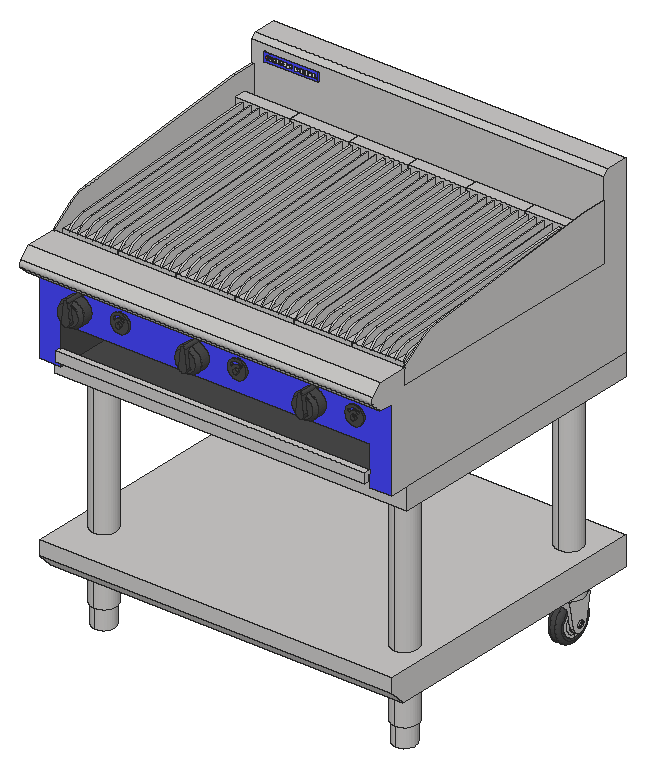
Revit family "QF_MOFFAT_BLUESEAL_AU_G596-LS", category Specialty Equipment, Revit 2012 (continued)
Automatic sketch dimensions
  plane 12 to Extrusion 32 sketch curve = 12.852 mm
  plane 12 to Extrusion 32 sketch curve = 8.738 mm
  plane 11 to Extrusion 32 sketch curve = 32 mm
  plane 9 to Extrusion 32 sketch curve = 105.155 mm
  plane 9 to Extrusion 32 sketch curve = 59.636 mm
  plane 9 to Extrusion 32 sketch curve = 7.151 mm
  plane 12 to Extrusion 33 sketch curve = 59 mm
  plane 12 to Extrusion 33 sketch curve = 12.852 mm
  plane 12 to Extrusion 33 sketch curve = 8.738 mm
  plane 11 to Extrusion 33 sketch curve = 32 mm
  plane 9 to Extrusion 33 sketch curve = 105.155 mm
  plane 9 to Extrusion 33 sketch curve = 59.636 mm
  plane 9 to Extrusion 33 sketch curve = 7.151 mm
  plane 12 to Extrusion 34 sketch curve = 59 mm
  plane 12 to Extrusion 34 sketch curve = 12.852 mm
  plane 12 to Extrusion 34 sketch curve = 8.738 mm
  plane 11 to Extrusion 34 sketch curve = 32 mm
  plane 9 to Extrusion 34 sketch curve = 105.155 mm
  plane 9 to Extrusion 34 sketch curve = 59.636 mm
  plane 9 to Extrusion 34 sketch curve = 7.151 mm
  plane 12 to Extrusion 35 sketch curve = 59 mm
  plane 12 to Extrusion 35 sketch curve = 12.852 mm
  plane 12 to Extrusion 35 sketch curve = 8.738 mm
  plane 11 to Extrusion 35 sketch curve = 32 mm
  plane 9 to Extrusion 35 sketch curve = 105.155 mm
  plane 9 to Extrusion 35 sketch curve = 59.636 mm
  plane 9 to Extrusion 35 sketch curve = 7.151 mm
  plane 12 to Extrusion 36 sketch curve = 59 mm
  plane 12 to Extrusion 36 sketch curve = 12.852 mm
  plane 12 to Extrusion 36 sketch curve = 8.738 mm
  plane 11 to Extrusion 36 sketch curve = 32 mm
  plane 9 to Extrusion 36 sketch curve = 105.155 mm
  plane 9 to Extrusion 36 sketch curve = 59.636 mm
  plane 9 to Extrusion 36 sketch curve = 7.151 mm
  plane 1 "BACK" to Extrusion 37 sketch curve = 31 mm
  plane 13 to Extrusion 37 sketch curve = 150.5 mm
  plane 9 to Extrusion 38 sketch curve = 0 mm
  plane 12 to Extrusion 38 sketch curve = 59 mm
  plane 11 to Extrusion 38 sketch curve = 32 mm
  plane 11 to Extrusion 38 sketch curve = 2 mm
  plane 9 to Extrusion 38 sketch curve = 59.636 mm
  Extrusion 38 sketch curve to Extrusion 38 sketch curve = 35.364 mm
  plane 9 to Extrusion 39 sketch curve = 0 mm
  plane 12 to Extrusion 39 sketch curve = 59 mm
  plane 11 to Extrusion 39 sketch curve = 32 mm
  plane 11 to Extrusion 39 sketch curve = 2 mm
  plane 9 to Extrusion 39 sketch curve = 59.636 mm
  Extrusion 39 sketch curve to Extrusion 39 sketch curve = 35.364 mm
  plane 9 to Extrusion 40 sketch curve = 0 mm
  plane 12 to Extrusion 40 sketch curve = 59 mm
  plane 11 to Extrusion 40 sketch curve = 32 mm
  plane 11 to Extrusion 40 sketch curve = 2 mm
  plane 9 to Extrusion 40 sketch curve = 59.636 mm
  Extrusion 40 sketch curve to Extrusion 40 sketch curve = 35.364 mm
  plane 9 to Extrusion 41 sketch curve = 0 mm
  plane 12 to Extrusion 41 sketch curve = 59 mm
  plane 11 to Extrusion 41 sketch curve = 32 mm
  plane 11 to Extrusion 41 sketch curve = 2 mm
  plane 9 to Extrusion 41 sketch curve = 59.636 mm
  Extrusion 41 sketch curve to Extrusion 41 sketch curve = 35.364 mm
  Revolve 44 sketch curve to plane 5 "FRONT" = 19 mm
  Revolve 44 sketch curve to Revolve 44 sketch curve = 0 mm  (x2)
  Revolve 44 sketch curve to Revolve 44 sketch curve = 11 mm
  Revolve 44 sketch curve to Revolve 44 sketch curve = 12.7 mm
  Revolve 44 sketch curve to Revolve 44 sketch curve = 23 mm
  Revolve 44 sketch curve to Revolve 44 sketch curve = 10 mm
  plane 9 to Revolve 44 sketch curve = 175.2 mm
  Revolve 44 sketch curve to Revolve 44 sketch curve = 5 mm
  Revolve 44 sketch curve to Revolve 44 sketch curve = 26.651 mm
  Revolve 44 sketch curve to Revolve 44 sketch curve = 5.849 mm
  Extrusion 45 sketch curve to plane 7 "Center Y" = 52.487 mm
  Extrusion 45 sketch curve to Extrusion 45 sketch curve = 5.489 mm
  Extrusion 45 sketch curve to Extrusion 45 sketch curve = 4.999 mm  (x2)
  Extrusion 45 sketch curve to Extrusion 45 sketch curve = 10.487 mm
  Extrusion 45 sketch curve to Extrusion 45 sketch curve = 10.419 mm
  plane 9 to Extrusion 45 sketch curve = 187.2 mm
  Extrusion 45 sketch curve to Extrusion 45 sketch curve = 0.028 mm
  Extrusion 45 sketch curve to Extrusion 45 sketch curve = 44 mm
  Extrusion 45 sketch curve to Extrusion 45 sketch curve = 0.113 mm
  Extrusion 46 sketch curve to Extrusion 1 = 0 mm
  Extrusion 46 sketch curve to Extrusion 1 = 100 mm
  Extrusion 46 sketch curve to Extrusion 1 = 55 mm  (x2)
  Extrusion 46 to Extrusion 47 sketch curve = 0 mm
  Extrusion 47 sketch curve to Extrusion 46 = 5.924 mm
  Extrusion 47 sketch curve to Extrusion 46 = 16.797 mm
  Extrusion 47 sketch curve to Extrusion 47 sketch curve = 15 mm
  Extrusion 47 sketch curve to Extrusion 47 sketch curve = 10 mm  (x2)
  Extrusion 46 to Extrusion 47 sketch curve = 31.346 mm
  Extrusion 47 sketch curve to Extrusion 47 sketch curve = 18.654 mm
  Revolve 48 sketch curve to level = 0 mm
  Revolve 48 sketch curve to plane 11 = 0 mm  (x2)
  plane 11 to Revolve 48 sketch curve = 27.5 mm
  plane 11 to Revolve 48 sketch curve = 31.75 mm
  Revolve 48 sketch curve to Revolve 48 sketch curve = 55 mm
  level to Revolve 48 sketch curve = 50 mm
  Revolve 48 sketch curve to Revolve 48 sketch curve = 0 mm
  Revolve 48 sketch curve to Revolve 48 sketch curve = 100 mm
  Revolve 49 sketch curve to level = 0 mm
  Revolve 49 sketch curve to plane 11 = 0 mm  (x2)
  plane 11 to Revolve 49 sketch curve = 27.5 mm
  plane 11 to Revolve 49 sketch curve = 31.75 mm
  level to Revolve 49 sketch curve = 50 mm
  Revolve 49 sketch curve to Revolve 49 sketch curve = 0 mm
  Revolve 49 sketch curve to Revolve 49 sketch curve = 100 mm
  Revolve 49 sketch curve to Revolve 49 sketch curve = 55 mm
  plane 3 "LEFT" to Revolve 50 sketch curve = 31.118 mm
  Revolve 50 sketch curve to Revolve 50 sketch curve = 1.27 mm  (x4)
  Revolve 50 sketch curve to Revolve 50 sketch curve = 1.524 mm  (x2)
  Revolve 50 sketch curve to Revolve 50 sketch curve = 12.146 mm  (x2)
  Revolve 50 sketch curve to plane 13 = 16.68 mm
  Revolve 50 sketch curve to Revolve 50 sketch curve = 0.794 mm  (x2)
  Revolve 50 sketch curve to Revolve 50 sketch curve = 3.57 mm
  Revolve 50 sketch curve to Revolve 50 sketch curve = 2.143 mm
  Revolve 50 sketch curve to plane 13 = 6.361 mm
  plane 13 to Revolve 50 sketch curve = 5.13 mm
  plane 13 to Revolve 50 sketch curve = 6.339 mm
  plane 13 to Revolve 50 sketch curve = 14.515 mm
  Revolve 50 sketch curve to Revolve 50 sketch curve = 1.349 mm  (x2)
  Revolve 50 sketch curve to Revolve 50 sketch curve = 3.556 mm
  Revolve 50 sketch curve to Revolve 50 sketch curve = 33.32 mm
  level to Revolve 50 sketch curve = 49.952 mm
  Revolve 50 sketch curve to Revolve 50 sketch curve = 0 mm
  Revolve 50 sketch curve to Revolve 50 sketch curve = 3.505 mm  (x2)
  Revolve 50 sketch curve to Revolve 50 sketch curve = 3.447 mm  (x2)
  Revolve 50 sketch curve to Revolve 50 sketch curve = 9.964 mm
  Revolve 50 sketch curve to Revolve 50 sketch curve = 10.045 mm
  Revolve 50 sketch curve to Revolve 50 sketch curve = 2.053 mm
  Revolve 50 sketch curve to Revolve 50 sketch curve = 2.061 mm
  Revolve 50 sketch curve to Revolve 50 sketch curve = 8.247 mm
  Revolve 50 sketch curve to Revolve 50 sketch curve = 8.336 mm
  Revolve 50 sketch curve to Revolve 50 sketch curve = 6.35 mm  (x2)
  Extrusion 51 sketch curve to plane 11 = 0 mm
  plane 11 to Extrusion 51 sketch curve = 19.393 mm
  plane 11 to Extrusion 51 sketch curve = 31.75 mm
  Extrusion 51 sketch curve to plane 11 = 19.393 mm
  Extrusion 51 sketch curve to plane 11 = 31.75 mm
  level to Extrusion 51 sketch curve = 45.111 mm
  Extrusion 51 sketch curve to Extrusion 51 sketch curve = 4.889 mm
  Extrusion 51 sketch curve to Extrusion 51 sketch curve = 64.889 mm
  Revolve 52 sketch curve to plane 11 = 0 mm  (x2)
  plane 11 to Revolve 52 sketch curve = 35.75 mm
  Revolve 52 sketch curve to level = 55 mm
  level to Revolve 52 sketch curve = 50 mm
  Revolve 52 sketch curve to Revolve 52 sketch curve = 60 mm
  Revolve 52 sketch curve to Revolve 52 sketch curve = 40 mm
  Revolve 53 sketch curve to level = 0 mm
  Revolve 53 sketch curve to plane 11 = 0 mm  (x2)
  Revolve 53 sketch curve to Revolve 53 sketch curve = 27.5 mm
  Revolve 53 sketch curve to Revolve 53 sketch curve = 31.75 mm
  Revolve 53 sketch curve to Revolve 53 sketch curve = 55 mm
  level to Revolve 53 sketch curve = 50 mm
  Revolve 53 sketch curve to Revolve 53 sketch curve = 0 mm
  Revolve 53 sketch curve to Revolve 53 sketch curve = 100 mm
  plane 14 to Revolve 54 sketch curve = 34.882 mm
  Revolve 54 sketch curve to Revolve 54 sketch curve = 1.27 mm  (x4)
  Revolve 54 sketch curve to Revolve 54 sketch curve = 1.524 mm  (x2)
  Revolve 54 sketch curve to Revolve 54 sketch curve = 12.146 mm  (x2)
  Revolve 54 sketch curve to Revolve 54 sketch curve = 2.762 mm
  Revolve 54 sketch curve to Revolve 54 sketch curve = 0.794 mm  (x2)
  Revolve 54 sketch curve to Revolve 54 sketch curve = 3.57 mm
  Revolve 54 sketch curve to Revolve 54 sketch curve = 2.143 mm
  plane 14 to Revolve 54 sketch curve = 6.861 mm
  Revolve 54 sketch curve to plane 14 = 4.63 mm
  Revolve 54 sketch curve to plane 14 = 5.839 mm
  Revolve 54 sketch curve to plane 14 = 14.015 mm
  Revolve 54 sketch curve to Revolve 54 sketch curve = 1.349 mm  (x2)
  Revolve 54 sketch curve to Revolve 54 sketch curve = 3.556 mm
  Revolve 54 sketch curve to plane 4 "RIGHT" = 1.68 mm
  level to Revolve 54 sketch curve = 49.952 mm
  Revolve 54 sketch curve to Revolve 54 sketch curve = 0 mm
  Revolve 54 sketch curve to Revolve 54 sketch curve = 3.505 mm  (x2)
  Revolve 54 sketch curve to Revolve 54 sketch curve = 3.447 mm  (x2)
  Revolve 54 sketch curve to Revolve 54 sketch curve = 9.964 mm
  Revolve 54 sketch curve to Revolve 54 sketch curve = 10.045 mm
  Revolve 54 sketch curve to Revolve 54 sketch curve = 2.053 mm
  Revolve 54 sketch curve to Revolve 54 sketch curve = 2.061 mm
  Revolve 54 sketch curve to Revolve 54 sketch curve = 8.247 mm
  Revolve 54 sketch curve to Revolve 54 sketch curve = 8.336 mm
  Revolve 54 sketch curve to Revolve 54 sketch curve = 6.35 mm  (x2)
  Extrusion 55 sketch curve to plane 11 = 0 mm
  plane 11 to Extrusion 55 sketch curve = 19.393 mm
  plane 11 to Extrusion 55 sketch curve = 31.75 mm
  Extrusion 55 sketch curve to plane 11 = 19.393 mm
  Extrusion 55 sketch curve to plane 11 = 31.75 mm
  level to Extrusion 55 sketch curve = 45.111 mm
  Extrusion 55 sketch curve to Extrusion 55 sketch curve = 4.889 mm
  Extrusion 55 sketch curve to Extrusion 55 sketch curve = 64.889 mm
  Revolve 56 sketch curve to plane 11 = 0 mm  (x2)
  Revolve 56 sketch curve to Revolve 56 sketch curve = 35.75 mm
  Revolve 56 sketch curve to level = 55 mm
  level to Revolve 56 sketch curve = 50 mm
  Revolve 56 sketch curve to Revolve 56 sketch curve = 60 mm
  Revolve 56 sketch curve to Revolve 56 sketch curve = 40 mm
  plane 12 to Extrusion 57 sketch curve = 59 mm
  plane 12 to Extrusion 57 sketch curve = 12.852 mm
  plane 12 to Extrusion 57 sketch curve = 8.738 mm
  plane 11 to Extrusion 57 sketch curve = 32 mm
  plane 9 to Extrusion 57 sketch curve = 105.155 mm
  plane 9 to Extrusion 57 sketch curve = 59.636 mm
  plane 9 to Extrusion 57 sketch curve = 7.151 mm
  plane 12 to Extrusion 58 sketch curve = 59 mm
  plane 12 to Extrusion 58 sketch curve = 12.852 mm
  plane 12 to Extrusion 58 sketch curve = 8.738 mm
  plane 11 to Extrusion 58 sketch curve = 32 mm
  plane 9 to Extrusion 58 sketch curve = 105.155 mm
  plane 9 to Extrusion 58 sketch curve = 59.636 mm
  plane 9 to Extrusion 58 sketch curve = 7.151 mm
  plane 12 to Extrusion 59 sketch curve = 59 mm
  plane 12 to Extrusion 59 sketch curve = 12.852 mm
  plane 12 to Extrusion 59 sketch curve = 8.738 mm
  plane 11 to Extrusion 59 sketch curve = 32 mm
  plane 9 to Extrusion 59 sketch curve = 105.155 mm
  plane 9 to Extrusion 59 sketch curve = 59.636 mm
  plane 9 to Extrusion 59 sketch curve = 7.151 mm
  plane 12 to Extrusion 60 sketch curve = 59 mm
  plane 12 to Extrusion 60 sketch curve = 12.852 mm
  plane 12 to Extrusion 60 sketch curve = 8.738 mm
  plane 11 to Extrusion 60 sketch curve = 32 mm
  plane 9 to Extrusion 60 sketch curve = 105.155 mm
  plane 9 to Extrusion 60 sketch curve = 59.636 mm
  plane 9 to Extrusion 60 sketch curve = 7.151 mm
  plane 12 to Extrusion 61 sketch curve = 59 mm
  plane 12 to Extrusion 61 sketch curve = 12.852 mm
  plane 12 to Extrusion 61 sketch curve = 8.738 mm
  plane 11 to Extrusion 61 sketch curve = 32 mm
  plane 9 to Extrusion 61 sketch curve = 105.155 mm
  plane 9 to Extrusion 61 sketch curve = 59.636 mm
  plane 9 to Extrusion 61 sketch curve = 7.151 mm
  plane 12 to Extrusion 62 sketch curve = 59 mm
  plane 12 to Extrusion 62 sketch curve = 12.852 mm
  plane 12 to Extrusion 62 sketch curve = 8.738 mm
  plane 11 to Extrusion 62 sketch curve = 32 mm
  plane 9 to Extrusion 62 sketch curve = 105.155 mm
  plane 9 to Extrusion 62 sketch curve = 59.636 mm
  plane 9 to Extrusion 62 sketch curve = 7.151 mm
  plane 12 to Extrusion 63 sketch curve = 59 mm
  plane 12 to Extrusion 63 sketch curve = 12.852 mm
  plane 12 to Extrusion 63 sketch curve = 8.738 mm
  plane 11 to Extrusion 63 sketch curve = 32 mm
  plane 9 to Extrusion 63 sketch curve = 105.155 mm
  plane 9 to Extrusion 63 sketch curve = 59.636 mm
  plane 9 to Extrusion 63 sketch curve = 7.151 mm
  plane 9 to Extrusion 64 sketch curve = 0 mm
  plane 12 to Extrusion 64 sketch curve = 59 mm
  plane 11 to Extrusion 64 sketch curve = 32 mm
  plane 11 to Extrusion 64 sketch curve = 2 mm
  plane 9 to Extrusion 64 sketch curve = 59.636 mm
  Extrusion 64 sketch curve to Extrusion 64 sketch curve = 35.364 mm
  plane 12 to Extrusion 65 sketch curve = 59 mm
  plane 12 to Extrusion 65 sketch curve = 12.852 mm
  plane 12 to Extrusion 65 sketch curve = 8.738 mm
  plane 11 to Extrusion 65 sketch curve = 32 mm
  plane 9 to Extrusion 65 sketch curve = 105.155 mm
  plane 9 to Extrusion 65 sketch curve = 59.636 mm
  plane 9 to Extrusion 65 sketch curve = 7.151 mm
  plane 12 to Extrusion 66 sketch curve = 59 mm
  plane 12 to Extrusion 66 sketch curve = 12.852 mm
  plane 12 to Extrusion 66 sketch curve = 8.738 mm
  plane 11 to Extrusion 66 sketch curve = 32 mm
  plane 9 to Extrusion 66 sketch curve = 105.155 mm
  plane 9 to Extrusion 66 sketch curve = 59.636 mm
  plane 9 to Extrusion 66 sketch curve = 7.151 mm
  plane 12 to Extrusion 67 sketch curve = 59 mm
  plane 12 to Extrusion 67 sketch curve = 12.852 mm
  plane 12 to Extrusion 67 sketch curve = 8.738 mm
  plane 11 to Extrusion 67 sketch curve = 32 mm
  plane 9 to Extrusion 67 sketch curve = 105.155 mm
  plane 9 to Extrusion 67 sketch curve = 59.636 mm
  plane 9 to Extrusion 67 sketch curve = 7.151 mm
  plane 12 to Extrusion 68 sketch curve = 59 mm
  plane 12 to Extrusion 68 sketch curve = 12.852 mm
  plane 12 to Extrusion 68 sketch curve = 8.738 mm
  plane 11 to Extrusion 68 sketch curve = 32 mm
  plane 9 to Extrusion 68 sketch curve = 105.155 mm
  plane 9 to Extrusion 68 sketch curve = 59.636 mm
  plane 9 to Extrusion 68 sketch curve = 7.151 mm
  plane 12 to Extrusion 69 sketch curve = 59 mm
  plane 12 to Extrusion 69 sketch curve = 12.852 mm
  plane 12 to Extrusion 69 sketch curve = 8.738 mm
  plane 11 to Extrusion 69 sketch curve = 32 mm
  plane 9 to Extrusion 69 sketch curve = 105.155 mm
  plane 9 to Extrusion 69 sketch curve = 59.636 mm
  plane 9 to Extrusion 69 sketch curve = 7.151 mm
  plane 12 to Extrusion 70 sketch curve = 59 mm
  plane 12 to Extrusion 70 sketch curve = 12.852 mm
  plane 12 to Extrusion 70 sketch curve = 8.738 mm
  plane 11 to Extrusion 70 sketch curve = 32 mm
  plane 9 to Extrusion 70 sketch curve = 105.155 mm
  plane 9 to Extrusion 70 sketch curve = 59.636 mm
  plane 9 to Extrusion 70 sketch curve = 7.151 mm
  plane 12 to Extrusion 71 sketch curve = 59 mm
  plane 12 to Extrusion 71 sketch curve = 12.852 mm
  plane 12 to Extrusion 71 sketch curve = 8.738 mm
  plane 11 to Extrusion 71 sketch curve = 32 mm
  plane 9 to Extrusion 71 sketch curve = 105.155 mm
  plane 9 to Extrusion 71 sketch curve = 59.636 mm
  plane 9 to Extrusion 71 sketch curve = 7.151 mm
  plane 9 to Extrusion 72 sketch curve = 0 mm
  plane 12 to Extrusion 72 sketch curve = 59 mm
  plane 11 to Extrusion 72 sketch curve = 32 mm
  plane 11 to Extrusion 72 sketch curve = 2 mm
  plane 9 to Extrusion 72 sketch curve = 59.636 mm
  Extrusion 72 sketch curve to Extrusion 72 sketch curve = 35.364 mm
  Extrusion 73 sketch curve to Extrusion 1 = 0 mm
  Extrusion 73 sketch curve to Extrusion 1 = 100 mm
  Extrusion 73 sketch curve to Extrusion 1 = 55 mm  (x2)
  Revolve 74 sketch curve to plane 5 "FRONT" = 19 mm
  Revolve 74 sketch curve to Revolve 74 sketch curve = 0 mm  (x2)
  Revolve 74 sketch curve to Revolve 74 sketch curve = 11 mm
  Revolve 74 sketch curve to Revolve 74 sketch curve = 12.7 mm
  Revolve 74 sketch curve to Revolve 74 sketch curve = 23 mm
  Revolve 74 sketch curve to Revolve 74 sketch curve = 10 mm
  plane 9 to Revolve 74 sketch curve = 175.2 mm
  Revolve 74 sketch curve to Revolve 74 sketch curve = 5 mm
  Revolve 74 sketch curve to Revolve 74 sketch curve = 26.651 mm
  Revolve 74 sketch curve to Revolve 74 sketch curve = 5.849 mm
  plane 14 to Extrusion 75 sketch curve = 136.987 mm
  Extrusion 75 sketch curve to Extrusion 75 sketch curve = 5.489 mm
  Extrusion 75 sketch curve to Extrusion 75 sketch curve = 4.999 mm  (x2)
  Extrusion 75 sketch curve to Extrusion 75 sketch curve = 10.487 mm
  Extrusion 75 sketch curve to Extrusion 75 sketch curve = 10.419 mm
  plane 9 to Extrusion 75 sketch curve = 187.2 mm
  Extrusion 75 sketch curve to Extrusion 75 sketch curve = 0.028 mm
  Extrusion 75 sketch curve to Extrusion 75 sketch curve = 44 mm
  Extrusion 75 sketch curve to Extrusion 75 sketch curve = 0.113 mm
  Extrusion 1 to Extrusion 42 sketch curve = 44.5 mm  (x3)
  Extrusion 42 sketch curve to Extrusion 42 sketch curve = 1.218 mm  (x3)
  Extrusion 42 sketch curve to Extrusion 42 sketch curve = 1.97 mm  (x6)
  Extrusion 42 sketch curve to Extrusion 42 sketch curve = 1.724 mm  (x3)
  Extrusion 42 sketch curve to Extrusion 42 sketch curve = 1.683 mm  (x3)
  Extrusion 42 sketch curve to Extrusion 42 sketch curve = 6.674 mm  (x3)
  Extrusion 42 sketch curve to Extrusion 42 sketch curve = 0.195 mm  (x3)
  Extrusion 42 sketch curve to Extrusion 42 sketch curve = 2.662 mm  (x3)
  Extrusion 1 to Extrusion 42 sketch curve = 193.209 mm
  Extrusion 42 sketch curve to Extrusion 42 sketch curve = 2.986 mm  (x3)
  Extrusion 42 sketch curve to Extrusion 42 sketch curve = 8.796 mm  (x3)
  Extrusion 42 sketch curve to Extrusion 42 sketch curve = 0.103 mm  (x3)
  Extrusion 42 sketch curve to Extrusion 42 sketch curve = 0.102 mm  (x3)
  Extrusion 42 sketch curve to Extrusion 42 sketch curve = 271.13 mm
  Extrusion 1 to Extrusion 42 sketch curve = 106.791 mm
  Extrusion 43 sketch curve to Extrusion 43 sketch curve = 0 mm  (x2)
  Extrusion 43 sketch curve to Extrusion 43 sketch curve = 300 mm  (x2)
  Split face 1 sketch curve to cut or joined group of Extrusion 1, Extrusion 73 = 27.315 mm
  Split face 1 sketch curve to cut or joined group of Extrusion 1, Extrusion 73 = 284.66 mm
  Split face 1 sketch curve to Split face 1 sketch curve = 4.041 mm  (x4)
  Split face 1 sketch curve to Split face 1 sketch curve = 8.66 mm  (x2)
  Split face 1 sketch curve to cut or joined group of Extrusion 1, Extrusion 73 = 12.315 mm
  Split face 1 sketch curve to cut or joined group of Extrusion 1, Extrusion 73 = 48.041 mm
  Split face 1 sketch curve to Split face 1 sketch curve = 7 mm  (x3)
  Split face 1 sketch curve to Split face 1 sketch curve = 17 mm
  Split face 2 sketch curve to cut or joined group of Extrusion 1, Extrusion 73 = 27.315 mm
  Split face 2 sketch curve to cut or joined group of Extrusion 1, Extrusion 73 = 572.64 mm
  Split face 2 sketch curve to Split face 2 sketch curve = 4.041 mm  (x4)
  Split face 2 sketch curve to Split face 2 sketch curve = 8.66 mm  (x2)
  Split face 2 sketch curve to cut or joined group of Extrusion 1, Extrusion 73 = 12.315 mm
  Split face 2 sketch curve to cut or joined group of Extrusion 1, Extrusion 73 = 336.021 mm
  Split face 2 sketch curve to Split face 2 sketch curve = 7 mm  (x3)
  Split face 2 sketch curve to Split face 2 sketch curve = 17 mm
  Split face 3 sketch curve to cut or joined group of Extrusion 1, Extrusion 73 = 27.315 mm
  Split face 3 sketch curve to cut or joined group of Extrusion 1, Extrusion 73 = 39.381 mm
  Split face 3 sketch curve to cut or joined group of Extrusion 1, Extrusion 73 = 23.185 mm
  Split face 3 sketch curve to Split face 3 sketch curve = 4.041 mm  (x3)
  Split face 3 sketch curve to Split face 3 sketch curve = 8.66 mm  (x3)
  Split face 3 sketch curve to cut or joined group of Extrusion 1, Extrusion 73 = 12.315 mm
  Split face 3 sketch curve to Split face 3 sketch curve = 223.917 mm
  Split face 3 sketch curve to cut or joined group of Extrusion 1, Extrusion 73 = 18.185 mm
  Split face 3 sketch curve to Split face 3 sketch curve = 10 mm
  Split face 3 sketch curve to Split face 3 sketch curve = 7 mm
  plane 1 "BACK" to curve 95 = 33.185 mm
  curve 40 to curve 95 = 23.319 mm
  curve 95 to curve 93 = 4.041 mm  (x2)
  curve 95 to curve 88 = 8.66 mm
  plane 1 "BACK" to curve 89 = 18.185 mm
  curve 89 to curve 28 = 37.062 mm
  curve 89 to curve 92 = 4.041 mm
  curve 89 to curve 89 = 8.66 mm
  curve 89 to curve 91 = 4.041 mm
  curve 91 to curve 88 = 27 mm
  curve 93 to curve 95 = 7 mm
  curve 92 to curve 91 = 10 mm
  curve 91 to curve 89 = 7 mm
  plane 1 "BACK" to curve 98 = 33.185 mm
  curve 90 to curve 98 = 38.659 mm
  plane 1 "BACK" to curve 98 = 40.185 mm
  curve 98 to curve 98 = 4.041 mm
  curve 97 to curve 97 = 8.66 mm
  curve 97 to curve 99 = 4.041 mm
  curve 103 to plane 14 = 13.417 mm
  curve 103 to curve 101 = 4.041 mm
  curve 103 to curve 102 = 8.66 mm
  curve 102 to curve 101 = 4.041 mm
  curve 5 to curve 101 = 1.55 mm
  curve 100 to curve 101 = 10 mm
  curve 99 to curve 97 = 7 mm
  curve 101 to curve 103 = 7 mm
  curve 111 to plane 13 = 30.16 mm
  curve 110 to curve 110 = 4.041 mm
  curve 111 to curve 111 = 8.66 mm
  curve 111 to curve 109 = 4.041 mm
  plane 1 "BACK" to curve 105 = 28.185 mm
  curve 105 to curve 94 = 51.36 mm
  curve 105 to curve 107 = 4.041 mm  (x2)
  curve 105 to curve 105 = 8.66 mm
  curve 1 to curve 109 = 1.55 mm
  curve 108 to curve 109 = 5 mm
  curve 107 to curve 105 = 7 mm
  curve 109 to curve 111 = 7 mm  (x2)
  radius of Extrusion 37 sketch curve = 13.5 mm
  radius of Extrusion 42 sketch curve = 23.9 mm  (x3)
  radius of Extrusion 43 sketch curve = 5.75 mm  (x3)
Nested families
  nested 1: "WALDORF LOGO_FACE BASE" at (32.004, -70, 1056.885) x (1, 0, 0) z (0, -1, 0), visible <- "Show Logo", type "WALDORF LOGO_FACE BASE", detail levels medium+fine
    with Show Logo yes
Connectors
  piping at (216, -31, 553)
    settings: on Extrusion 37, index 2, connector radius 0.37402", flow factor 0, pipe flow 0 GPM, pressure drop 0.00 psi, fitting loss kfactor 0, connector angle 0.00°, fixture units 0, engagement length 0 mm, flow configuration 1, flow direction 1, fitting loss method 0, system type 7, joint type 0, gender type 0, connector reference index -1, connector utility 0, adjustable connector no, is connector primary yes, fitting loss table "", connector description ""
Definition of nested family "WALDORF LOGO_FACE BASE"
  Parameters (values of type "WALDORF LOGO_FACE BASE")
    Show Logo [instance] = yes
    Default Elevation = 1219.2 mm
  Reference planes
    plane 1 "Center (Front/Back)": y = 0
    plane 2: z = 0
    plane 3 "Center (Left/Right)": x = 0
  Forms (mm)
    Extrusion 1, solid
      sketch origin (0, 0, 0) x (1, 0, 0) y (0, 1, 0)
        loop
          line (-1219.2, 1219.2) -> (-1219.2, -1219.2) -> (1219.2, -1219.2) -> (1219.2, 1219.2) -> (-1219.2, 1219.2)
      from 0 to -304.8
    Extrusion 2, solid, material "QF_Finishes_Blue", visible <- "Show Logo"
      sketch origin (0, -33.217, 0) x (1, 0, 0) y (0, 1, 0)
        loop
          arc (138, 31.942) -> (137.626, 32.844) -> (136.724, 33.217) r 1.276
          line (136.724, 33.217) -> (1.29, 33.217)
          arc (1.29, 33.217) -> (0.378, 32.839) -> (0, 31.927) r 1.29
          line (0, 31.927) -> (0, 11.507)
          arc (0, 11.507) -> (0.378, 10.595) -> (1.29, 10.217) r 1.29
          line (1.29, 10.217) -> (136.71, 10.217)
          arc (136.71, 10.217) -> (137.622, 10.595) -> (138, 11.507) r 1.29
          line (138, 11.507) -> (138, 31.942)
      from 0 to 1.588
    Extrusion 3, solid, material "QF_Finishes_White", visible <- "Show Logo"
      sketch origin (0, -33.217, 1.588) x (1, 0, 0) y (0, 1, 0)
        loop
          arc (108.946, 25.919) -> (107.613, 25.367) -> (107.061, 24.034) r 1.885
          line (107.061, 24.034) -> (107.061, 17.211) -> (112.704, 17.211) -> (112.704, 19.129) -> (115.546, 19.129) -> (115.546, 17.211) -> (121.584, 17.211) -> (121.584, 24.075)
          arc (121.584, 24.075) -> (121.043, 25.379) -> (119.739, 25.919) r 1.845
          line (119.739, 25.919) -> (108.946, 25.919)
        loop
          line (123.478, 25.919) -> (123.478, 17.163) -> (134.904, 17.163) -> (134.904, 19.129) -> (129.246, 19.129) -> (129.246, 25.919) -> (123.478, 25.919)
        loop
          line (112.704, 21.258) -> (115.546, 21.258) -> (115.546, 22.702)
          arc (115.546, 22.702) -> (115.344, 23.188) -> (114.858, 23.389) r 0.687
          line (114.858, 23.389) -> (113.363, 23.389)
          arc (113.363, 23.389) -> (112.897, 23.196) -> (112.704, 22.73) r 0.658
          line (112.704, 22.73) -> (112.704, 21.258)
        loop
          line (105.071, 25.919) -> (93.771, 25.919) -> (93.771, 17.163) -> (105.071, 17.163) -> (105.071, 19.063) -> (99.535, 19.063) -> (99.535, 20.437) -> (105.071, 20.437) -> (105.071, 22.278) -> (99.535, 22.278) -> (99.535, 23.587) -> (105.071, 23.587) -> (105.071, 25.919)
        loop
          line (91.104, 25.919) -> (79.541, 25.919)
          arc (79.541, 25.919) -> (78.558, 25.513) -> (78.152, 24.53) r 1.389
          line (78.152, 24.53) -> (78.152, 22.08)
          arc (78.152, 22.08) -> (78.558, 21.098) -> (79.541, 20.691) r 1.389
          line (79.541, 20.691) -> (86.346, 20.691) -> (86.346, 18.864) -> (83.266, 18.864) -> (83.266, 19.664) -> (78.152, 19.664) -> (78.152, 18.553)
          arc (78.152, 18.553) -> (78.558, 17.57) -> (79.541, 17.163) r 1.389
          line (79.541, 17.163) -> (91.063, 17.163)
          arc (91.063, 17.163) -> (92.045, 17.57) -> (92.452, 18.553) r 1.389
          line (92.452, 18.553) -> (92.452, 20.691)
          arc (92.452, 20.691) -> (92.045, 21.673) -> (91.063, 22.08) r 1.389
          line (91.063, 22.08) -> (83.266, 22.08) -> (83.266, 23.984) -> (86.346, 23.984) -> (86.346, 22.743) -> (92.452, 22.743) -> (92.452, 24.571)
          arc (92.452, 24.571) -> (92.057, 25.524) -> (91.104, 25.919) r 1.348
        loop
          line (70.705, 25.919) -> (59.405, 25.919) -> (59.405, 17.163) -> (70.705, 17.163) -> (70.705, 19.063) -> (65.169, 19.063) -> (65.169, 20.437) -> (70.705, 20.437) -> (70.705, 22.278) -> (65.169, 22.278) -> (65.169, 23.587) -> (70.705, 23.587) -> (70.705, 25.919)
        loop
          line (57.598, 25.919) -> (51.7, 25.919) -> (51.7, 20.18)
          arc (51.7, 20.18) -> (50.63, 19.11) -> (49.56, 20.18) r 1.07
          line (49.56, 20.18) -> (49.56, 25.919) -> (43.663, 25.919) -> (43.663, 19.049)
          arc (43.663, 19.049) -> (44.215, 17.716) -> (45.548, 17.163) r 1.885
          line (45.548, 17.163) -> (55.71, 17.163)
          arc (55.71, 17.163) -> (57.045, 17.716) -> (57.598, 19.051) r 1.887
          line (57.598, 19.051) -> (57.598, 25.919)
        loop
          line (31.62, 25.919) -> (31.62, 17.163) -> (43.046, 17.163) -> (43.046, 19.129) -> (37.388, 19.129) -> (37.388, 25.919) -> (31.62, 25.919)
        loop
          line (15.969, 25.919) -> (15.969, 17.163) -> (28.693, 17.163)
          arc (28.693, 17.163) -> (29.812, 17.627) -> (30.276, 18.746) r 1.582
          line (30.276, 18.746) -> (30.276, 20.447) -> (29.48, 21.243) -> (30.276, 22.039) -> (30.276, 24.332)
          arc (30.276, 24.332) -> (29.811, 25.454) -> (28.688, 25.919) r 1.587
          line (28.688, 25.919) -> (15.969, 25.919)
        loop
          line (21.449, 24.159) -> (21.449, 22.436) -> (23.862, 22.436)
          arc (23.862, 22.436) -> (24.723, 23.298) -> (23.862, 24.159) r 0.861
          line (23.862, 24.159) -> (21.449, 24.159)
        loop
          line (21.449, 20.244) -> (21.449, 18.522) -> (23.862, 18.522)
          arc (23.862, 18.522) -> (24.723, 19.383) -> (23.862, 20.244) r 0.861
          line (23.862, 20.244) -> (21.449, 20.244)
      from 0 to 0.2
    Extrusion 4, solid, material "QF_Finishes_Blue", visible <- "Show Logo"
      sketch origin (-126.498, -31.09, 1.588) x (1, 0, 0) y (0, 1, 0)
        loop
          line (136.738, 23.522) -> (136.738, 15.1)
          arc (136.738, 15.1) -> (140.756, 19.311) -> (136.738, 23.522) r 4.216
      from 0 to 0.2
    Extrusion 5, solid, material "QF_Finishes_Red", visible <- "Show Logo"
      sketch origin (146.849, -31.09, 1.588) x (-1, 0, 0) y (0, -1, 0)
        loop
          arc (136.738, -23.522) -> (140.756, -19.311) -> (136.738, -15.1) r 4.216
          line (136.738, -15.1) -> (136.738, -23.522)
      from 0 to 0.2
  Lines and regions (mm)
    Split face 1
      outline origin (-90.35, -30.793, 1.588) x (1, 0, 0) y (0, 1, 0)
        loop
          circle (100.54, 19.013) r 4.536
  Dimensions and locks
    aligned and locked: plane 2 to Extrusion 1
    aligned and locked: level to Extrusion 1
